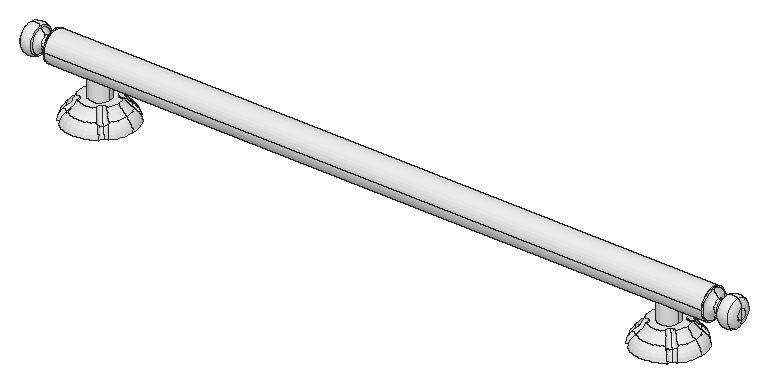
Revit family "Grab-Bar_Traditional_Guinevere_YG97024_TOTO", category Furniture, host Face, Revit 2013
Parameters (values of type "YG97024")
  ecoScorecard_data = " "
  ecoScorecard Product Page = "  "
  Width = 2' - 6 1/8"  # constant formula
  Warranty URL = "http://www.totousa.com/warranty-registration"
  Warranty = "Lifetime Limited Warranty (Residential Use), One Year Limited (Commercial Use)"  # constant formula
  URL = "http://www.totousa.com"
  Toto Version = "V.02"  # constant formula
  Toto BIM Number = "BM-00220"  # constant formula
  Subcategory = "Accessories"  # constant formula
  Style = "Traditional"  # constant formula
  Spec Sheet URL = "http://assets.totousa.com/product-files/SS-00004_YG96024_YG96042_YG97024_YG97042.pdf"
  Shipping Weight = 4.70 lbf
  Series = "Guinevere"  # constant formula
  Product Page URL = " "
  Owners Manual URL = "  "
  Model = "YG97024"  # constant formula
  Manufacturer Toll Free Phone = "1-888-295-8134"  # constant formula
  Manufacturer Phone = "(770) 282-8686"  # constant formula
  Manufacturer Fax = "(770) 282-0002"  # constant formula
  Manufacturer Email = "mailto:custservice@totousa.com "
  Manufacturer Address = "1155 Southern Road, Morrow, Georgia 30260"  # constant formula
  Manufacturer = "TOTO USA, Inc."  # constant formula
  Height = 0' - 2 13/16"  # constant formula
  Finish = Metal - TOTO - Chrome - Polished
  Description = "Grab Bar"
  Depth = 0' - 2 3/4"  # constant formula
  Default Elevation = 3' - 0"
  Cost Info = "mailto:custservice@totousa.com "
  Color Availability = "#CP  Polished Chrome, #RB Oil Rubbed Bronze"  # constant formula
  CAD Drawing URL = "http://assets.totousa.com/product-files/AD-00098_YG97024.dxf"
  Assembly Code = "C1030200"
  ADA Compliant = yes
  95 CSI = "10800"  # constant formula
  04 CSI = "10 28 00"  # constant formula
Reference planes (in)
  plane 1 "Center (Front/Back)": y = 0
  plane 2: z = 0
  plane 3 "Center (Left/Right)": x = 0
  plane 4: x = -15.0625
  plane 5: x = 15.0625
  plane 6: x = -13.87657
  plane 7: x = 13.87657
  plane 8: x = -11.99961
  plane 9: x = 11.99961
  plane 10: x = -13.40453
  plane 11: x = -10.59469
  plane 12: z = 2.75
  plane 13: z = 2.12638
  plane 14: z = 0.88622
  plane 15: x = 10.59469
  plane 16: x = 13.40453
  plane 17: y = 1.40625
  plane 18: y = -1.40625
Forms (in)
  Extrusion 1, solid, material "Metal - TOTO - Chrome - Polished" <- "Finish"
    sketch origin (0, 0, 0) x (1, 0, 0) y (0, 1, 0)
      loop
        circle (-11.99961, 0) r 0.43622
    from 0.88622 to 2.12638
  Extrusion 2, solid, material "Metal - TOTO - Chrome - Polished" <- "Finish"
    sketch origin (-11.32812, -0.32755, 0) x (0, 1, 0) y (0, 0, 1)
      loop
        circle (0.32755, 2.12638) r 0.62362
    from -2.54845 to 25.2047
  Extrusion 3, solid, material "Metal - TOTO - Chrome - Polished" <- "Finish"
    sketch origin (0, 0, 0) x (-1, 0, 0) y (0, -1, 0)
      loop
        circle (-11.99961, 0) r 0.43622
    from 0.88622 to 2.12638
  Revolve 4, solid, material "Metal - TOTO - Chrome - Polished" <- "Finish"
    sketch origin (0, 0, 92.27586) x (0, 0, 1) y (1, 0, 0)
      loop
        arc (-90.7731, -13.87657) -> (-90.76365, -13.8994) -> (-90.74082, -13.90886) r 0.03228
        arc (-90.74082, -13.90886) -> (-90.54561, -13.9688) -> (-90.41779, -14.12805) r 0.34747
        line (-90.41779, -14.12805) -> (-90.41779, -14.25112)
        arc (-90.41779, -14.25112) -> (-90.49284, -14.39804) -> (-90.63605, -14.47992) r 0.2889
        line (-90.63605, -14.47992) -> (-90.6984, -14.47992)
        arc (-90.6984, -14.47992) -> (-90.74663, -14.69862) -> (-90.6984, -14.91732) r 0.51997
        arc (-90.6984, -14.91732) -> (-90.54418, -15.02467) -> (-90.36012, -15.0625) r 0.46672
        line (-90.36012, -15.0625) -> (-90.14948, -15.0625) -> (-90.14948, -13.87657) -> (-90.7731, -13.87657)
      axis (-90.14948, -15.0625) -> (-90.14948, -13.87657)
    angle from 0 to 360
  Revolve 5, solid, material "Metal - TOTO - Chrome - Polished" <- "Finish"
    sketch origin (0, 0, 92.27586) x (0, 0, 1) y (1, 0, 0)
      loop
        line (-90.7731, 13.87657) -> (-90.14948, 13.87657) -> (-90.14948, 15.0625) -> (-90.36012, 15.0625)
        arc (-90.36012, 15.0625) -> (-90.54418, 15.02467) -> (-90.6984, 14.91732) r 0.46672
        arc (-90.6984, 14.91732) -> (-90.74663, 14.69862) -> (-90.6984, 14.47992) r 0.51997
        line (-90.6984, 14.47992) -> (-90.63605, 14.47992)
        arc (-90.63605, 14.47992) -> (-90.49284, 14.39804) -> (-90.41779, 14.25112) r 0.2889
        line (-90.41779, 14.25112) -> (-90.41779, 14.12805)
        arc (-90.41779, 14.12805) -> (-90.54561, 13.96881) -> (-90.74081, 13.90886) r 0.34747
        arc (-90.74081, 13.90886) -> (-90.76364, 13.89941) -> (-90.7731, 13.87657) r 0.03228
      axis (-90.14948, 15.0625) -> (-90.14948, 13.87657)
    angle from 0 to 360
  Extrusion 6, solid, material "Metal - TOTO - Chrome - Polished" <- "Finish"
    sketch origin (-14.58692, 0, 0) x (1, 0, 0) y (0, 1, 0)
      loop
        circle (2.58732, 0) r 1.40492
    from 0 to 0.88622
  Revolve 7, void
    sketch origin (-11.99961, 0, 0) x (1, 0, 0) y (0, 0, 1)
      loop
        arc (-1.40492, 0) -> (-1.31347, 0.26895) -> (-1.12628, 0.48263) r 0.73001
        arc (-1.12628, 0.48263) -> (-0.93798, 0.66538) -> (-0.79626, 0.88622) r 1.14441
        line (-0.79626, 0.88622) -> (-1.60177, 0.88622) -> (-1.60177, 0) -> (-1.40492, 0)
      axis (0, 0.88622) -> (0, 0)
    angle from 0 to 360
  Sweep 8, void
    path origin (7.9791, -20.0132, 0) x (0.707107, -0.707107, 0) y (0, 0, 1)
      loop
        arc (-29.71811, 0) -> (-29.61732, 0.26634) -> (-29.43207, 0.48262) r 0.82586
        arc (-29.43207, 0.48262) -> (-29.20154, 0.73) -> (-29.04321, 1.02878) r 1.29011
    profile origin (-12.96351, 0.92942, 0.26634) x (-0.608291, 0.608291, 0.509866) y (-0.707107, -0.707107, 0)
      loop
        circle (0, 0) r 0.19685
  Sweep 9, void
    path origin (-31.97831, -20.0132, 0) x (-0.707107, -0.707107, 0) y (0, 0, -1)
      loop
        arc (-29.71811, 0) -> (-29.61732, -0.26634) -> (-29.43207, -0.48262) r 0.82586
        arc (-29.43207, -0.48262) -> (-29.20154, -0.73) -> (-29.04321, -1.02878) r 1.29011
    profile origin (-11.0357, 0.92942, 0.26634) x (-0.608291, -0.608291, -0.509866) y (0.707107, -0.707107, 0)
      loop
        circle (0, 0) r 0.19685
  Sweep 10, void
    path origin (7.9791, 19.94422, 0) x (0.707107, 0.707107, 0) y (0, 0, -1)
      loop
        arc (-29.71811, 0) -> (-29.61732, -0.26634) -> (-29.43207, -0.48262) r 0.82586
        arc (-29.43207, -0.48262) -> (-29.20154, -0.73) -> (-29.04321, -1.02878) r 1.29011
    profile origin (-12.96351, -0.99839, 0.26634) x (0.608291, 0.608291, -0.509866) y (-0.707107, 0.707107, 0)
      loop
        circle (0, 0) r 0.19685
  Sweep 11, void
    path origin (-31.97831, 19.94422, 0) x (-0.707107, 0.707107, 0) y (0, 0, 1)
      loop
        arc (-29.71811, 0) -> (-29.61732, 0.26634) -> (-29.43207, 0.48262) r 0.82586
        arc (-29.43207, 0.48262) -> (-29.20154, 0.73) -> (-29.04321, 1.02878) r 1.29011
    profile origin (-11.0357, -0.99839, 0.26634) x (0.608291, -0.608291, 0.509866) y (0.707107, 0.707107, 0)
      loop
        circle (0, 0) r 0.19685
  Extrusion 12, solid, material "Metal - TOTO - Chrome - Polished" <- "Finish"
    sketch origin (9.41229, 0, 0) x (1, 0, 0) y (0, 1, 0)
      loop
        circle (2.58732, 0) r 1.40492
    from 0 to 0.88622
  Revolve 13, void
    sketch origin (11.99961, 0, 0) x (1, 0, 0) y (0, 0, 1)
      loop
        arc (-1.40492, 0) -> (-1.31347, 0.26895) -> (-1.12628, 0.48263) r 0.73001
        arc (-1.12628, 0.48263) -> (-0.93798, 0.66538) -> (-0.79626, 0.88622) r 1.14441
        line (-0.79626, 0.88622) -> (-1.60177, 0.88622) -> (-1.60177, 0) -> (-1.40492, 0)
      axis (0, 0.88622) -> (0, 0)
    angle from 0 to 360
  Sweep 14, void
    path origin (31.97831, -20.0132, 0) x (0.707107, -0.707107, 0) y (0, 0, 1)
      loop
        arc (-29.71811, 0) -> (-29.61732, 0.26634) -> (-29.43207, 0.48262) r 0.82586
        arc (-29.43207, 0.48262) -> (-29.20154, 0.73) -> (-29.04321, 1.02878) r 1.29011
    profile origin (11.0357, 0.92942, 0.26634) x (-0.608291, 0.608291, 0.509866) y (-0.707107, -0.707107, 0)
      loop
        circle (0, 0) r 0.19685
  Sweep 15, void
    path origin (-7.9791, -20.0132, 0) x (-0.707107, -0.707107, 0) y (0, 0, -1)
      loop
        arc (-29.71811, 0) -> (-29.61732, -0.26634) -> (-29.43207, -0.48262) r 0.82586
        arc (-29.43207, -0.48262) -> (-29.20154, -0.73) -> (-29.04321, -1.02878) r 1.29011
    profile origin (12.96351, 0.92942, 0.26634) x (-0.608291, -0.608291, -0.509866) y (0.707107, -0.707107, 0)
      loop
        circle (0, 0) r 0.19685
  Sweep 16, void
    path origin (31.97831, 19.94422, 0) x (0.707107, 0.707107, 0) y (0, 0, -1)
      loop
        arc (-29.71811, 0) -> (-29.61732, -0.26634) -> (-29.43207, -0.48262) r 0.82586
        arc (-29.43207, -0.48262) -> (-29.20154, -0.73) -> (-29.04321, -1.02878) r 1.29011
    profile origin (11.0357, -0.99839, 0.26634) x (0.608291, 0.608291, -0.509866) y (-0.707107, 0.707107, 0)
      loop
        circle (0, 0) r 0.19685
  Sweep 17, void
    path origin (-7.9791, 19.94422, 0) x (-0.707107, 0.707107, 0) y (0, 0, 1)
      loop
        arc (-29.71811, 0) -> (-29.61732, 0.26634) -> (-29.43207, 0.48262) r 0.82586
        arc (-29.43207, 0.48262) -> (-29.20154, 0.73) -> (-29.04321, 1.02878) r 1.29011
    profile origin (12.96351, -0.99839, 0.26634) x (0.608291, -0.608291, 0.509866) y (0.707107, 0.707107, 0)
      loop
        circle (0, 0) r 0.19685
Cuts and joins
  Revolve 13, Sweep 14, Sweep 15, Sweep 16, Sweep 17 cuts Extrusion 1
  Revolve 13, Sweep 14, Sweep 15, Sweep 16, Sweep 17 cuts Extrusion 2
  Revolve 13, Sweep 14, Sweep 15, Sweep 16, Sweep 17 cuts Extrusion 3
  joined: Extrusion 1, Extrusion 2, Extrusion 3
  Revolve 7, Sweep 8, Sweep 9, Sweep 10, Sweep 11, Revolve 13, Sweep 14, Sweep 15, Sweep 16, Sweep 17 cuts Extrusion 6
  Revolve 13, Sweep 14, Sweep 15, Sweep 16, Sweep 17 cuts Extrusion 12
Lines and regions (in)
  Masking region 1
    outline origin (0, -0.32813, 92.27586) x (0, 0, 1) y (1, 0, 0)
      loop
        line (-91.38964, -12.79631) -> (-91.38964, -12.43583) -> (-90.7731, -12.43583) -> (-90.7731, -13.87657)
        arc (-90.7731, -13.87657) -> (-90.76035, -13.90272) -> (-90.73189, -13.90877) r 0.03318
        arc (-90.73189, -13.90877) -> (-90.54171, -13.97115) -> (-90.41779, -14.12832) r 0.34639
        line (-90.41779, -14.12832) -> (-90.41779, -14.25122)
        arc (-90.41779, -14.25122) -> (-90.4951, -14.39594) -> (-90.63605, -14.47992) r 0.30598
        line (-90.63605, -14.47992) -> (-90.6984, -14.47992)
        arc (-90.6984, -14.47992) -> (-90.7461, -14.69862) -> (-90.6984, -14.91732) r 0.52528
        arc (-90.6984, -14.91732) -> (-90.56267, -15.01571) -> (-90.4017, -15.0625) r 0.48929
        line (-90.4017, -15.0625) -> (-89.89726, -15.0625)
        arc (-89.89726, -15.0625) -> (-89.73629, -15.01571) -> (-89.60056, -14.91732) r 0.48929
        arc (-89.60056, -14.91732) -> (-89.55286, -14.69862) -> (-89.60056, -14.47992) r 0.52528
        line (-89.60056, -14.47992) -> (-89.66291, -14.47992)
        arc (-89.66291, -14.47992) -> (-89.80386, -14.39594) -> (-89.88117, -14.25122) r 0.30598
        line (-89.88117, -14.25122) -> (-89.88117, -14.12832)
        arc (-89.88117, -14.12832) -> (-89.75725, -13.97115) -> (-89.56707, -13.90877) r 0.34639
        arc (-89.56707, -13.90877) -> (-89.53861, -13.90272) -> (-89.52586, -13.87657) r 0.03318
        line (-89.52586, -13.87657) -> (-89.52586, 13.87657)
        arc (-89.52586, 13.87657) -> (-89.53861, 13.90272) -> (-89.56707, 13.90877) r 0.03318
        arc (-89.56707, 13.90877) -> (-89.7572, 13.9711) -> (-89.88117, 14.12815) r 0.34649
        line (-89.88117, 14.12815) -> (-89.88117, 14.25122)
        arc (-89.88117, 14.25122) -> (-89.80386, 14.39594) -> (-89.66291, 14.47992) r 0.30598
        line (-89.66291, 14.47992) -> (-89.60056, 14.47992)
        arc (-89.60056, 14.47992) -> (-89.55286, 14.69862) -> (-89.60056, 14.91732) r 0.52528
        arc (-89.60056, 14.91732) -> (-89.73629, 15.01571) -> (-89.89726, 15.0625) r 0.48929
        line (-89.89726, 15.0625) -> (-90.4017, 15.0625)
        arc (-90.4017, 15.0625) -> (-90.56267, 15.01571) -> (-90.6984, 14.91732) r 0.48929
        arc (-90.6984, 14.91732) -> (-90.7461, 14.69862) -> (-90.6984, 14.47992) r 0.52528
        line (-90.6984, 14.47992) -> (-90.63605, 14.47992)
        arc (-90.63605, 14.47992) -> (-90.4951, 14.39594) -> (-90.41779, 14.25122) r 0.30598
        line (-90.41779, 14.25122) -> (-90.41779, 14.12815)
        arc (-90.41779, 14.12815) -> (-90.54176, 13.9711) -> (-90.73189, 13.90877) r 0.34649
        arc (-90.73189, 13.90877) -> (-90.76035, 13.90272) -> (-90.7731, 13.87657) r 0.03318
        line (-90.7731, 13.87657) -> (-90.7731, 12.43583) -> (-91.38964, 12.43583) -> (-91.38964, 12.79631)
        arc (-91.38964, 12.79631) -> (-91.58091, 12.89424) -> (-91.72873, 13.0502) r 0.63695
        arc (-91.72873, 13.0502) -> (-91.96575, 13.28413) -> (-92.27586, 13.40551) r 0.82645
        line (-92.27586, 13.40551) -> (-92.27586, 10.5937)
        arc (-92.27586, 10.5937) -> (-91.96575, 10.71509) -> (-91.72873, 10.94901) r 0.82645
        arc (-91.72873, 10.94901) -> (-91.58091, 11.10497) -> (-91.38964, 11.2029) r 0.63695
        line (-91.38964, 11.2029) -> (-91.38964, 11.56339) -> (-90.7731, 11.56339) -> (-90.7731, -11.56339) -> (-91.38964, -11.56339) -> (-91.38964, -11.2029)
        arc (-91.38964, -11.2029) -> (-91.58091, -11.10497) -> (-91.72873, -10.94901) r 0.63695
        arc (-91.72873, -10.94901) -> (-91.96575, -10.71509) -> (-92.27586, -10.5937) r 0.82645
        line (-92.27586, -10.5937) -> (-92.27586, -13.40551)
        arc (-92.27586, -13.40551) -> (-91.96575, -13.28413) -> (-91.72873, -13.0502) r 0.82645
        arc (-91.72873, -13.0502) -> (-91.58091, -12.89424) -> (-91.38964, -12.79631) r 0.63695
  symbolic lines, detail levels fine
    curve 1: line (-14.25112, -0.32813, 2.39469) -> (-14.25112, -0.32813, 1.85807)
    curve 2: line (-14.12805, -0.32813, 2.39469) -> (-14.12805, -0.32813, 1.85807)
    curve 5: line (14.25122, -0.32813, 2.39469) -> (14.25122, -0.32813, 1.85807)
    curve 6: line (14.12815, -0.32813, 2.39469) -> (14.12815, -0.32813, 1.85807)
    curve 11: line (-14.91732, -0.32813, 2.6753) -> (-14.91732, -0.32813, 1.57745)
    curve 12: line (-14.47992, -0.32813, 1.57745) -> (-14.47992, -0.32813, 2.6753)
    curve 13: line (14.91732, -0.32813, 2.6753) -> (14.91732, -0.32813, 1.57745)
    curve 14: line (14.47992, -0.32813, 1.57745) -> (14.47992, -0.32813, 2.6753)
    curve 15: spline (-13.09395, -0.32813, 0) -> (-13.08949, -0.32813, 0.04567) -> (-13.08298, -0.32813, 0.09075) -> (-13.07442, -0.32813, 0.13507) -> (-13.06387, -0.32813, 0.17845) -> (-13.05136, -0.32813, 0.2207) -> (-13.03693, -0.32813, 0.26167) -> (-13.02066, -0.32813, 0.30118) -> (-13.0026, -0.32813, 0.33909) -> (-12.98282, -0.32813, 0.37523) -> (-12.96141, -0.32813, 0.40945) -> (-12.93846, -0.32813, 0.44163) -> (-12.91405, -0.32813, 0.47164)
    curve 16: spline (-12.91405, -0.32813, 0.47164) -> (-12.88773, -0.32813, 0.49941) -> (-12.86224, -0.32813, 0.52858) -> (-12.8376, -0.32813, 0.55911) -> (-12.81387, -0.32813, 0.59094) -> (-12.79107, -0.32813, 0.62402) -> (-12.76923, -0.32813, 0.65831) -> (-12.74841, -0.32813, 0.69375) -> (-12.72861, -0.32813, 0.73028) -> (-12.70989, -0.32813, 0.76785) -> (-12.69226, -0.32813, 0.80641) -> (-12.67575, -0.32813, 0.84588) -> (-12.66039, -0.32813, 0.88622)
    curve 17: spline (-12.86749, -0.32813, 0) -> (-12.86344, -0.32813, 0.03418) -> (-12.85825, -0.32813, 0.06806) -> (-12.85194, -0.32813, 0.10157) -> (-12.8445, -0.32813, 0.13463) -> (-12.83597, -0.32813, 0.16716) -> (-12.82636, -0.32813, 0.1991) -> (-12.81569, -0.32813, 0.23036) -> (-12.80399, -0.32813, 0.26089) -> (-12.79129, -0.32813, 0.2906) -> (-12.7776, -0.32813, 0.31944) -> (-12.76297, -0.32813, 0.34733) -> (-12.74743, -0.32813, 0.37423)
    curve 18: spline (-12.40562, -0.32813, 0.88622) -> (-12.4255, -0.32813, 0.83243) -> (-12.44718, -0.32813, 0.78022) -> (-12.4706, -0.32813, 0.72974) -> (-12.49569, -0.32813, 0.68112) -> (-12.52238, -0.32813, 0.63451) -> (-12.5506, -0.32813, 0.59002) -> (-12.58028, -0.32813, 0.54779) -> (-12.61132, -0.32813, 0.50792) -> (-12.64365, -0.32813, 0.47054) -> (-12.67717, -0.32813, 0.43573) -> (-12.71179, -0.32813, 0.40359) -> (-12.74743, -0.32813, 0.37423)
    curve 19: spline (-11.43504, -0.32813, 0.569) -> (-11.451, -0.32813, 0.59219) -> (-11.46649, -0.32813, 0.61604) -> (-11.48152, -0.32813, 0.64053) -> (-11.49605, -0.32813, 0.66563) -> (-11.51009, -0.32813, 0.69134) -> (-11.52363, -0.32813, 0.71762) -> (-11.53664, -0.32813, 0.74446) -> (-11.54913, -0.32813, 0.77183) -> (-11.56108, -0.32813, 0.79971) -> (-11.57248, -0.32813, 0.82809) -> (-11.58332, -0.32813, 0.85693) -> (-11.5936, -0.32813, 0.88622)
    curve 20: spline (-11.43504, -0.32813, 0.569) -> (-11.39646, -0.32813, 0.54159) -> (-11.35954, -0.32813, 0.50957) -> (-11.32453, -0.32813, 0.47315) -> (-11.29169, -0.32813, 0.4326) -> (-11.26127, -0.32813, 0.38822) -> (-11.23348, -0.32813, 0.34032) -> (-11.20852, -0.32813, 0.28926) -> (-11.18657, -0.32813, 0.23539) -> (-11.16779, -0.32813, 0.17912) -> (-11.15232, -0.32813, 0.12085) -> (-11.14027, -0.32813, 0.061) -> (-11.13172, -0.32813, 0)
    curve 21: spline (-11.33882, -0.32813, 0.88622) -> (-11.3239, -0.32813, 0.84645) -> (-11.30783, -0.32813, 0.80752) -> (-11.29063, -0.32813, 0.76948) -> (-11.27232, -0.32813, 0.73239) -> (-11.25293, -0.32813, 0.69631) -> (-11.23249, -0.32813, 0.66128) -> (-11.21103, -0.32813, 0.62737) -> (-11.18858, -0.32813, 0.59463) -> (-11.16518, -0.32813, 0.5631) -> (-11.14087, -0.32813, 0.53283) -> (-11.11567, -0.32813, 0.50386) -> (-11.08963, -0.32813, 0.47625)
    curve 22: spline (-11.08963, -0.32813, 0.47625) -> (-11.06432, -0.32813, 0.44617) -> (-11.04054, -0.32813, 0.41385) -> (-11.0184, -0.32813, 0.3794) -> (-10.99798, -0.32813, 0.34298) -> (-10.97938, -0.32813, 0.30474) -> (-10.96266, -0.32813, 0.26483) -> (-10.9479, -0.32813, 0.22342) -> (-10.93515, -0.32813, 0.18068) -> (-10.92448, -0.32813, 0.13678) -> (-10.91591, -0.32813, 0.09191) -> (-10.9095, -0.32813, 0.04626) -> (-10.90527, -0.32813, 0)
    curve 23: spline (10.90527, -0.32813, 0) -> (10.90972, -0.32813, 0.04567) -> (10.91624, -0.32813, 0.09075) -> (10.92479, -0.32813, 0.13507) -> (10.93534, -0.32813, 0.17845) -> (10.94786, -0.32813, 0.2207) -> (10.96228, -0.32813, 0.26167) -> (10.97856, -0.32813, 0.30118) -> (10.99662, -0.32813, 0.33909) -> (11.01639, -0.32813, 0.37523) -> (11.0378, -0.32813, 0.40945) -> (11.06076, -0.32813, 0.44163) -> (11.08517, -0.32813, 0.47164)
    curve 24: spline (11.08517, -0.32813, 0.47164) -> (11.11148, -0.32813, 0.49941) -> (11.13698, -0.32813, 0.52858) -> (11.16161, -0.32813, 0.55911) -> (11.18535, -0.32813, 0.59094) -> (11.20815, -0.32813, 0.62402) -> (11.22998, -0.32813, 0.65831) -> (11.25081, -0.32813, 0.69375) -> (11.2706, -0.32813, 0.73028) -> (11.28932, -0.32813, 0.76785) -> (11.30695, -0.32813, 0.80641) -> (11.32346, -0.32813, 0.84588) -> (11.33882, -0.32813, 0.88622)
    curve 25: spline (11.13172, -0.32813, 0) -> (11.13577, -0.32813, 0.03418) -> (11.14096, -0.32813, 0.06806) -> (11.14728, -0.32813, 0.10157) -> (11.15471, -0.32813, 0.13463) -> (11.16324, -0.32813, 0.16716) -> (11.17285, -0.32813, 0.1991) -> (11.18352, -0.32813, 0.23036) -> (11.19522, -0.32813, 0.26089) -> (11.20792, -0.32813, 0.2906) -> (11.22161, -0.32813, 0.31944) -> (11.23624, -0.32813, 0.34733) -> (11.25179, -0.32813, 0.37423)
    curve 26: spline (11.5936, -0.32813, 0.88622) -> (11.57371, -0.32813, 0.83243) -> (11.55203, -0.32813, 0.78022) -> (11.52861, -0.32813, 0.72974) -> (11.50352, -0.32813, 0.68112) -> (11.47683, -0.32813, 0.63451) -> (11.44861, -0.32813, 0.59002) -> (11.41894, -0.32813, 0.54779) -> (11.38789, -0.32813, 0.50792) -> (11.35557, -0.32813, 0.47054) -> (11.32204, -0.32813, 0.43573) -> (11.28742, -0.32813, 0.40359) -> (11.25179, -0.32813, 0.37423)
    curve 27: spline (12.56417, -0.32813, 0.569) -> (12.54821, -0.32813, 0.59219) -> (12.53272, -0.32813, 0.61604) -> (12.5177, -0.32813, 0.64053) -> (12.50316, -0.32813, 0.66563) -> (12.48912, -0.32813, 0.69134) -> (12.47558, -0.32813, 0.71762) -> (12.46257, -0.32813, 0.74446) -> (12.45008, -0.32813, 0.77183) -> (12.43813, -0.32813, 0.79971) -> (12.42673, -0.32813, 0.82809) -> (12.41589, -0.32813, 0.85693) -> (12.40562, -0.32813, 0.88622)
    curve 28: spline (12.56417, -0.32813, 0.569) -> (12.60275, -0.32813, 0.54159) -> (12.63968, -0.32813, 0.50957) -> (12.67468, -0.32813, 0.47315) -> (12.70752, -0.32813, 0.4326) -> (12.73794, -0.32813, 0.38822) -> (12.76574, -0.32813, 0.34032) -> (12.7907, -0.32813, 0.28926) -> (12.81265, -0.32813, 0.23539) -> (12.83142, -0.32813, 0.17912) -> (12.84689, -0.32813, 0.12085) -> (12.85895, -0.32813, 0.061) -> (12.86749, -0.32813, 0)
    curve 29: spline (12.66039, -0.32813, 0.88622) -> (12.67531, -0.32813, 0.84645) -> (12.69138, -0.32813, 0.80752) -> (12.70859, -0.32813, 0.76948) -> (12.7269, -0.32813, 0.73239) -> (12.74629, -0.32813, 0.69631) -> (12.76673, -0.32813, 0.66128) -> (12.78819, -0.32813, 0.62737) -> (12.81063, -0.32813, 0.59463) -> (12.83403, -0.32813, 0.5631) -> (12.85835, -0.32813, 0.53283) -> (12.88354, -0.32813, 0.50386) -> (12.90958, -0.32813, 0.47625)
    curve 30: spline (12.90958, -0.32813, 0.47625) -> (12.9349, -0.32813, 0.44617) -> (12.95867, -0.32813, 0.41385) -> (12.98082, -0.32813, 0.3794) -> (13.00123, -0.32813, 0.34298) -> (13.01984, -0.32813, 0.30474) -> (13.03656, -0.32813, 0.26483) -> (13.05132, -0.32813, 0.22342) -> (13.06406, -0.32813, 0.18068) -> (13.07474, -0.32813, 0.13678) -> (13.0833, -0.32813, 0.09191) -> (13.08971, -0.32813, 0.04626) -> (13.09395, -0.32813, 0)
  symbolic lines
    curve 3: line (-13.87657, -0.32813, 2.75) -> (-13.87657, -0.32813, 1.50276)
    curve 4: arc (-12.43583, -0.32813, 1.50276) -> (-11.99961, -0.32813, 1.67507) -> (-11.56339, -0.32813, 1.50276) r 0.63832
    curve 7: line (13.87657, -0.32813, 2.75) -> (13.87657, -0.32813, 1.50276)
    curve 8: arc (12.43583, -0.32813, 1.50276) -> (11.99961, -0.32813, 1.67507) -> (11.56339, -0.32813, 1.50276) r 0.63832
  symbolic lines, detail levels medium+fine
    curve 9: line (-12.40562, -0.32813, 0.88622) -> (-11.5936, -0.32813, 0.88622)
    curve 10: line (11.53316, -0.32813, 0.88622) -> (12.46696, -0.32813, 0.88622)
Dimensions and locks (in)
  "Width": plane 5 to plane 4
  equal spacing: plane 5, plane 3 "Center (Left/Right)", plane 4
  locked: plane 7 to plane 6 at 27.75315
  locked: plane 9 to plane 8 at 23.99921
  equal spacing: plane 9, plane 3 "Center (Left/Right)", plane 8  (x2)
  "Depth": plane 12 to plane 2
  locked: plane 13 to plane 2 at 2.12638
  equal spacing: plane 7, plane 3 "Center (Left/Right)", plane 6
  locked: plane 11 to plane 10 at 2.80984
  equal spacing: plane 11, plane 8, plane 10
  locked: plane 16 to plane 15 at 2.80984
  equal spacing: plane 16, plane 9, plane 15
  locked: plane 1 "Center (Front/Back)" to Extrusion 1 sketch curve at 0
  locked: Extrusion 1 sketch curve to plane 8 at 0
  locked: Extrusion 2 sketch curve to plane 1 "Center (Front/Back)" at 0
  locked: Extrusion 2 sketch curve to plane 13 at 0
  locked: plane 1 "Center (Front/Back)" to Extrusion 3 sketch curve at 0
  locked: Extrusion 3 sketch curve to plane 9 at 0
  locked: Revolve 4 sketch curve to plane 6 at 0
  locked: Revolve 4 sketch curve to plane 4 at 0
  locked: Revolve 4 sketch curve to plane 13 at 0  (x2)
  locked: Revolve 4 sketch curve to plane 13 at 0.07718
  locked: Revolve 4 sketch curve to Revolve 4 sketch curve at 0.21064
  locked: Revolve 4 sketch curve to plane 13 at 0.26831
  locked: Revolve 4 sketch curve to Revolve 4 sketch curve at 0.27593
  locked: Revolve 4 sketch curve to Revolve 4 sketch curve at 0.06235
  locked: plane 4 to Revolve 4 sketch curve at 0.14518
  locked: Revolve 4 sketch curve to Revolve 4 sketch curve at 0.33829
  locked: Revolve 4 sketch curve to Revolve 4 sketch curve at 0.00347
  locked: Revolve 4 sketch curve to Revolve 4 sketch curve at 0.03884
  locked: Revolve 4 sketch curve to Revolve 4 sketch curve at 0.03895
  locked: Revolve 4 sketch curve to Revolve 4 sketch curve at 0.03228
  locked: Revolve 4 sketch curve to plane 4 at 0.3937
  locked: Revolve 4 sketch curve to Revolve 4 sketch curve at 0.10284
  locked: Revolve 4 sketch curve to Revolve 4 sketch curve at 0.22359
  locked: Revolve 4 sketch curve to Revolve 4 sketch curve at 0.12307
  locked: Revolve 4 sketch curve to plane 10 at 0.19833
  locked: plane 7 to Revolve 5 sketch curve at 0
  locked: plane 5 to Revolve 5 sketch curve at 0
  locked: Revolve 5 sketch curve to plane 13 at 0  (x2)
  locked: Revolve 5 sketch curve to plane 13 at 0.07718
  locked: Revolve 5 sketch curve to Revolve 5 sketch curve at 0.21064
  locked: Revolve 5 sketch curve to plane 13 at 0.26831
  locked: Revolve 5 sketch curve to Revolve 5 sketch curve at 0.27593
  locked: Revolve 5 sketch curve to Revolve 5 sketch curve at 0.06235
  locked: plane 5 to Revolve 5 sketch curve at 0.14518
  locked: Revolve 5 sketch curve to Revolve 5 sketch curve at 0.33829
  locked: Revolve 5 sketch curve to Revolve 5 sketch curve at 0.00347
  locked: Revolve 5 sketch curve to Revolve 5 sketch curve at 0.03884
  locked: Revolve 5 sketch curve to plane 7 at 0.03228
  locked: Revolve 5 sketch curve to Revolve 5 sketch curve at 0.03894
  locked: Revolve 5 sketch curve to Revolve 5 sketch curve at 0.00001
  locked: Revolve 5 sketch curve to plane 16 at 0.19833
  locked: Revolve 5 sketch curve to plane 7 at 0.25148
  locked: Revolve 5 sketch curve to Revolve 5 sketch curve at 0.05771
  locked: Revolve 5 sketch curve to Revolve 5 sketch curve at 0.12307
  locked: Revolve 5 sketch curve to plane 5 at 0.3937
  locked: plane 1 "Center (Front/Back)" to Extrusion 6 sketch curve at 0
  locked: Extrusion 6 sketch curve to plane 8 at 0
  locked: Revolve 7 sketch curve to level at 0
  locked: Revolve 7 sketch curve to plane 14 at 0
  locked: Revolve 7 sketch curve to plane 10 at 0
  locked: Revolve 7 sketch curve to plane 8 at 0
  locked: Revolve 7 sketch curve to plane 10 at 0.19685
  locked: plane 6 to Revolve 7 sketch curve at 0.05305
  locked: plane 10 to Revolve 7 sketch curve at 0.27865
  locked: Revolve 7 sketch curve to Revolve 7 sketch curve
  locked: Revolve 7 sketch curve to Revolve 7 sketch curve at 0.33002
  locked: Revolve 7 sketch curve to level at 0.09606
  locked: Revolve 7 sketch curve to level at 0.30471
  locked: Revolve 7 sketch curve to Revolve 7 sketch curve at 0.5045
  locked: plane 1 "Center (Front/Back)" to Extrusion 12 sketch curve at 0
  locked: Extrusion 12 sketch curve to plane 9 at 0
  locked: Revolve 13 sketch curve to level at 0
  locked: Revolve 13 sketch curve to plane 14 at 0
  locked: Revolve 13 sketch curve to plane 15 at 0
  locked: plane 9 to Revolve 13 sketch curve at 0
  locked: Revolve 13 sketch curve to plane 15 at 0.19685
  locked: Revolve 13 sketch curve to plane 15 at 0.419
  locked: plane 15 to Revolve 13 sketch curve at 0.27865
  locked: Revolve 13 sketch curve to Revolve 13 sketch curve at 0
  locked: Revolve 13 sketch curve to Revolve 13 sketch curve at 0.33002
  locked: Revolve 13 sketch curve to level at 0.09606
  locked: Revolve 13 sketch curve to level at 0.30471
  locked: Revolve 13 sketch curve to Revolve 13 sketch curve at 0.5045
  locked: Sweep 11 sketch curve to plane 11 at 0.44102
  locked: Sweep 9 sketch curve to plane 11 at 0.84698
  locked: Sweep 9 sketch curve to plane 11 at 0.36975
  locked: Sweep 9 sketch curve to plane 11 at 0.44102
  locked: Sweep 8 sketch curve to plane 10 at 0.84698
  locked: Sweep 8 sketch curve to plane 10 at 0.36975
  locked: plane 10 to Sweep 8 sketch curve at 0.44102
  locked: Sweep 10 sketch curve to plane 10 at 0.84698
  locked: Sweep 10 sketch curve to plane 6 at 0.8418
  locked: plane 10 to Sweep 10 sketch curve at 0.44102
  locked: Sweep 17 sketch curve to plane 16 at 0.84698
  locked: Sweep 17 sketch curve to plane 16 at 0.36975
  locked: Sweep 17 sketch curve to plane 16 at 0.44102
  locked: Sweep 15 sketch curve to plane 16 at 0.84698
  locked: Sweep 15 sketch curve to plane 16 at 0.36975
  locked: Sweep 15 sketch curve to plane 16 at 0.44102
  locked: Sweep 14 sketch curve to plane 9 at 0.55794
  locked: Sweep 14 sketch curve to plane 9 at 1.03517
  locked: plane 15 to Sweep 14 sketch curve at 0.44102
  locked: Sweep 16 sketch curve to plane 15 at 0.84698
  locked: Sweep 16 sketch curve to plane 15 at 0.36975
  locked: plane 15 to Sweep 16 sketch curve at 0.44102
  "Height": plane 18 to plane 17
  equal spacing: plane 18, plane 1 "Center (Front/Back)", plane 17
  locked: curve 23 to level at 0
  locked: curve 22 to level at 0
  locked: curve 28 to level at 0
  locked: curve 20 to level at 0
  locked: curve 15 to level at 0
  locked: curve 25 to level at 0
  locked: curve 17 to level at 0
  locked: curve 30 to level at 0
  locked: curve 24 to plane 14 at 0
  locked: curve 16 to plane 14 at 0
  locked: curve 29 to plane 14 at 0
  locked: curve 21 to plane 14 at 0
  locked: curve 4 to plane 8 at 0
  locked: plane 9 to curve 8 at 0
  locked: plane 7 to curve 7 at 0
  locked: curve 3 to plane 6 at 0
  locked: curve 7 to plane 12 at 0
  locked: curve 3 to plane 12 at 0
  locked: curve 20 to level at 0.09766
  locked: curve 28 to level at 0.09766
  locked: curve 25 to level at 0.098
  locked: curve 17 to level at 0.098
  locked: curve 30 to level at 0.0988
  locked: curve 22 to level at 0.0988
  locked: curve 15 to level at 0.09958
  locked: curve 23 to level at 0.09958
  locked: curve 16 to plane 10 at 0.01049
  locked: level to curve 16 at 0.24499
  locked: curve 24 to plane 15 at 0.01049
  locked: level to curve 24 at 0.24499
  locked: level to curve 27 at 0.24519
  locked: level to curve 19 at 0.24519
  locked: plane 16 to curve 29 at 0.00178
  locked: level to curve 29 at 0.24521
  locked: plane 11 to curve 21 at 0.00178
  locked: level to curve 21 at 0.24521
  locked: level to curve 18 at 0.24522
  locked: level to curve 26 at 0.24522
  locked: level to curve 18 at 0.37423
  locked: level to curve 25 at 0.37423
  locked: curve 25 to curve 23 at 0.09741
  locked: curve 17 to curve 16 at 0.09741
  locked: curve 27 to curve 30 at 0.23105
  locked: curve 19 to curve 22 at 0.23105
  locked: curve 27 to plane 14 at 0.31722
  locked: curve 20 to plane 14 at 0.31722
  locked: curve 19 to curve 22 at 0.06133
  locked: curve 27 to curve 30 at 0.06133
  locked: curve 15 to plane 14 at 0.25582
  locked: curve 23 to plane 14 at 0.25582
  locked: curve 25 to plane 14 at 0.25542
  locked: curve 17 to plane 14 at 0.25542
  locked: curve 20 to curve 20 at 0.06184
  locked: curve 28 to curve 28 at 0.06184
  locked: plane 14 to curve 4 at 0.15053
  locked: plane 14 to curve 8 at 0.15053
  locked: curve 21 to plane 11 at 0.03919
  locked: curve 29 to plane 16 at 0.03919
  locked: curve 24 to plane 15 at 0.01277
  locked: curve 16 to plane 10 at 0.01277
  locked: curve 16 to curve 18 at 0.0068
  locked: curve 24 to curve 26 at 0.0068
  locked: curve 21 to curve 19 at 0.00764
  locked: curve 29 to curve 27 at 0.00764
  locked: plane 14 to curve 4 at 0.61654  (x2)
  locked: curve 29 to curve 7 at 0.10183
  locked: curve 16 to curve 3 at 0.10139
  locked: plane 14 to curve 8 at 0.61654  (x2)
  locked: curve 11 to plane 13 at 0.54892
  locked: plane 5 to curve 13 at 0.14518
  locked: curve 13 to plane 13 at 0.54892
  locked: curve 14 to curve 13 at 0
  locked: curve 12 to curve 11 at 0
  locked: curve 1 to plane 13 at 0.26831
  locked: curve 2 to curve 1
  locked: curve 6 to plane 13 at 0.26831
  locked: curve 5 to curve 6 at 0  (x2)
  locked: plane 13 to curve 2 at 0.26831
  locked: plane 13 to curve 6 at 0.26831
  locked: curve 1 to curve 2
  locked: curve 14 to plane 12 at 0.0747
  locked: curve 12 to plane 12 at 0.0747
  locked: curve 11 to plane 12 at 0.0747
  locked: curve 13 to plane 12 at 0.0747
  locked: curve 12 to curve 1 at 0.2288
  locked: curve 1 to curve 2 at 0.12307
  locked: plane 10 to curve 18 at 0.28891
  locked: curve 18 to curve 15 at 0.02168
  locked: curve 18 to curve 15 at 0.20158
  locked: curve 15 to curve 17 at 0.22645
  locked: curve 16 to curve 17 at 0.16662
  locked: curve 4 to plane 8 at 0.43622
  locked: plane 8 to curve 20 at 0.3505
  locked: curve 20 to curve 9 at 0.05551
  locked: curve 20 to curve 22 at 0.1887
  locked: curve 19 to curve 22 at 0.04869
  locked: curve 19 to curve 21 at 0.25478
  locked: plane 15 to curve 26 at 0.28891
  locked: curve 26 to curve 23 at 0.02168
  locked: curve 26 to curve 24 at 0.20158
  locked: curve 23 to curve 25 at 0.22645
  locked: curve 24 to curve 26 at 0.16662
  locked: curve 10 to curve 26 at 0.06044
  locked: plane 9 to curve 8 at 0.43622
  locked: curve 28 to plane 9 at 0.3505
  locked: curve 28 to curve 27 at 0.05551
  locked: curve 27 to curve 10 at 0.06135
  locked: curve 28 to curve 30 at 0.1887
  locked: curve 28 to curve 30 at 0.04869
  locked: curve 10 to curve 29 at 0.19343
  locked: curve 6 to plane 7 at 0.25157
  locked: curve 6 to curve 5 at 0.12307
  locked: curve 5 to curve 14 at 0.2287
  locked: Masking region 1 sketch curve to level at 0  (x2)
  locked: Masking region 1 sketch curve to plane 14 at 0  (x4)
  locked: plane 7 to Masking region 1 sketch curve at 0  (x2)
  locked: Masking region 1 sketch curve to plane 6 at 0  (x2)
  locked: Masking region 1 sketch curve to plane 4 at 0
  locked: plane 5 to Masking region 1 sketch curve at 0
  locked: Masking region 1 sketch curve to plane 12 at 0
  locked: Masking region 1 sketch curve to level at 0.14001  (x4)
  locked: Masking region 1 sketch curve to plane 14 at 0.33909  (x4)
  locked: Masking region 1 sketch curve to Masking region 1 sketch curve  (x3)
  locked: Masking region 1 sketch curve to Masking region 1 sketch curve at 0  (x2)
  locked: plane 10 to Masking region 1 sketch curve at 0.00042
  locked: plane 14 to Masking region 1 sketch curve at 0.19049  (x4)
  locked: plane 15 to Masking region 1 sketch curve at 0.00042
  locked: plane 11 to Masking region 1 sketch curve at 0.00042
  locked: plane 16 to Masking region 1 sketch curve at 0.00042
  locked: plane 14 to Masking region 1 sketch curve at 0.61654  (x3)
  locked: Masking region 1 sketch curve to Masking region 1 sketch curve at 0.03294  (x2)
  locked: Masking region 1 sketch curve to Masking region 1 sketch curve at 0.03318  (x2)
  locked: Masking region 1 sketch curve to plane 7 at 0.0322
  locked: Masking region 1 sketch curve to plane 6 at 0.0322
  locked: Masking region 1 sketch curve to Masking region 1 sketch curve at 0.02372  (x2)
  locked: plane 5 to Masking region 1 sketch curve at 0.14518
  locked: Masking region 1 sketch curve to plane 13 at 0.54892  (x2)
  locked: Masking region 1 sketch curve to Masking region 1 sketch curve at 0.04176  (x2)
  locked: plane 4 to Masking region 1 sketch curve at 0.14518  (x2)
  locked: Masking region 1 sketch curve to Masking region 1 sketch curve at 0.06235  (x4)
  locked: Masking region 1 sketch curve to plane 13 at 0.26831  (x2)
  locked: Masking region 1 sketch curve to plane 13 at 0.25222  (x2)
  locked: Masking region 1 sketch curve to plane 13 at 0.19815  (x2)
  locked: Masking region 1 sketch curve to plane 13 at 0.07134  (x2)
  locked: plane 13 to Masking region 1 sketch curve at 0.07134  (x2)
  locked: Masking region 1 sketch curve to Masking region 1 sketch curve at 0.12681  (x2)
  locked: plane 13 to Masking region 1 sketch curve at 0.25222  (x2)
  locked: plane 13 to Masking region 1 sketch curve at 0.26831  (x2)
  locked: Masking region 1 sketch curve to plane 12 at 0.13705  (x2)
  locked: Masking region 1 sketch curve to plane 12 at 0.0747  (x2)
  locked: Masking region 1 sketch curve to plane 12 at 0.05666  (x2)
  locked: Masking region 1 sketch curve to plane 12 at 0.04121  (x2)
  locked: Masking region 1 sketch curve to Masking region 1 sketch curve at 0.00803  (x2)
  locked: Masking region 1 sketch curve to plane 12 at 0.03294  (x2)
  locked: Masking region 1 sketch curve to Masking region 1 sketch curve at 0.12242  (x2)
  locked: Masking region 1 sketch curve to Masking region 1 sketch curve at 0.22486  (x2)
  locked: Masking region 1 sketch curve to Masking region 1 sketch curve at 0.1229  (x2)
  locked: Masking region 1 sketch curve to plane 10 at 0.00098
  locked: Masking region 1 sketch curve to Masking region 1 sketch curve at 0.36048  (x2)
  locked: plane 8 to Masking region 1 sketch curve at 0.43622
  locked: plane 8 to Masking region 1 sketch curve at 0.5914
  locked: Masking region 1 sketch curve to plane 15 at 0.00098
  locked: Masking region 1 sketch curve to plane 9 at 0.43622
  locked: Masking region 1 sketch curve to plane 9 at 0.5914
  locked: Masking region 1 sketch curve to plane 7 at 0.25157  (x2)
  locked: Masking region 1 sketch curve to Masking region 1 sketch curve at 0.07047  (x2)
  locked: Masking region 1 sketch curve to Masking region 1 sketch curve at 0.12307  (x2)
  locked: plane 1 "Center (Front/Back)" to Sweep 8 sketch curve at 0.52346
  locked: Sweep 11 sketch curve to plane 8 at 0.55794
  locked: Sweep 11 sketch curve to plane 8 at 1.03517
  Sweep 11 sketch curve to plane 18 = 0' - 0.40786"
  locked: plane 1 "Center (Front/Back)" to Sweep 9 sketch curve at 0.92942
  locked: plane 1 "Center (Front/Back)" to Sweep 8 sketch curve at 0.92942
  locked: Sweep 10 sketch curve to plane 1 "Center (Front/Back)" at 0.99839
  locked: Sweep 17 sketch curve to plane 1 "Center (Front/Back)" at 0.99839
  locked: plane 1 "Center (Front/Back)" to Sweep 15 sketch curve at 0.92942
  locked: plane 1 "Center (Front/Back)" to Sweep 14 sketch curve at 0.92942
  locked: Sweep 16 sketch curve to plane 1 "Center (Front/Back)" at 0.99839
  aligned and locked: plane 2 to host face
  aligned and locked: level to host face
  aligned and locked: Extrusion 1 to plane 14
  aligned and locked: plane 13 to Extrusion 1
  aligned and locked: Extrusion 2 to plane 6
  aligned and locked: Extrusion 2 to plane 7
  aligned and locked: plane 13 to Extrusion 3
  aligned and locked: plane 1 "Center (Front/Back)" to Revolve 4  (x2)
  aligned and locked: cut or joined group of Extrusion 1, Extrusion 2, Extrusion 3, Revolve 13, Sweep 14, Sweep 15, Sweep 16, Sweep 17 to plane 14  (x2)
  aligned and locked: curve 9 to plane 14
  aligned and locked: curve 10 to plane 14
  aligned and locked: curve 11 to Revolve 4
  aligned and locked: curve 12 to Revolve 4
  aligned and locked: plane 1 "Center (Front/Back)" to Revolve 5
  aligned and locked: plane 14 to cut or joined group 1 (Extrusion 6, Revolve 7, Sweep 8, Sweep 9, Sweep 10, Sweep 11, Revolve 13, Sweep 14, Sweep 15, Sweep 16, Sweep 17)
  aligned and locked: cut or joined group 1 to plane 2
  aligned and locked: cut or joined group of Extrusion 12, Revolve 13, Sweep 14, Sweep 15, Sweep 16, Sweep 17 to plane 2
  aligned and locked: plane 14 to cut or joined group of Extrusion 12, Revolve 13, Sweep 14, Sweep 15, Sweep 16, Sweep 17
  aligned and locked: plane 2 to Sweep 11 sketch curve
  aligned and locked: plane 2 to Sweep 9 sketch curve
  aligned and locked: plane 2 to Sweep 8 sketch curve
  aligned and locked: plane 2 to Sweep 10 sketch curve
  aligned and locked: plane 2 to Sweep 17 sketch curve
  aligned and locked: plane 2 to Sweep 15 sketch curve
  aligned and locked: plane 2 to Sweep 14 sketch curve
  aligned and locked: plane 2 to Sweep 16 sketch curve
Automatic sketch dimensions
  host sketch curve to host sketch curve = 2' - 8.29091"
  host sketch curve to host sketch curve = 0' - 4.36364"
  plane 14 to Sweep 8 sketch curve = 0' - 0.59204"
  level to Sweep 8 sketch curve = 0' - 0"
  Sweep 8 sketch curve to Sweep 8 sketch curve = 0' - 0.53438"
  Sweep 8 sketch curve to plane 14 = 0' - 0.4036"
  Sweep 8 sketch curve to Sweep 8 sketch curve = 0' - 0.28604"
  Sweep 8 sketch curve to Sweep 8 sketch curve = 0' - 0"
  plane 14 to Sweep 8 sketch curve = 0' - 0.14256"
  profile plane to Sweep 8 sketch curve = 0' - 0"  (x2)
  plane 14 to Sweep 9 sketch curve = 0' - 0.59204"
  level to Sweep 9 sketch curve = 0' - 0"
  Sweep 9 sketch curve to Sweep 9 sketch curve = 0' - 0.53438"
  Sweep 9 sketch curve to plane 14 = 0' - 0.4036"
  Sweep 9 sketch curve to Sweep 9 sketch curve = 0' - 0.28604"
  Sweep 9 sketch curve to Sweep 9 sketch curve = 0' - 0"
  plane 14 to Sweep 9 sketch curve = 0' - 0.14256"
  Sweep 9 sketch curve to profile plane = 0' - 0"
  profile plane to Sweep 9 sketch curve = 0' - 0"
  plane 14 to Sweep 10 sketch curve = 0' - 0.59204"
  level to Sweep 10 sketch curve = 0' - 0"
  Sweep 10 sketch curve to Sweep 10 sketch curve = 0' - 0.53438"
  Sweep 10 sketch curve to plane 14 = 0' - 0.4036"
  Sweep 10 sketch curve to Sweep 10 sketch curve = 0' - 0.28604"
  Sweep 10 sketch curve to Sweep 10 sketch curve = 0' - 0"
  plane 14 to Sweep 10 sketch curve = 0' - 0.14256"
  profile plane to Sweep 10 sketch curve = 0' - 0"
  Sweep 10 sketch curve to profile plane = 0' - 0"
  plane 14 to Sweep 11 sketch curve = 0' - 0.59204"
  level to Sweep 11 sketch curve = 0' - 0"
  Sweep 11 sketch curve to Sweep 11 sketch curve = 0' - 0.53438"
  Sweep 11 sketch curve to plane 14 = 0' - 0.4036"
  Sweep 11 sketch curve to Sweep 11 sketch curve = 0' - 0.28604"
  Sweep 11 sketch curve to Sweep 11 sketch curve = 0' - 0"
  plane 14 to Sweep 11 sketch curve = 0' - 0.14256"
  Sweep 11 sketch curve to profile plane = 0' - 0"  (x2)
  plane 14 to Sweep 14 sketch curve = 0' - 0.59204"
  level to Sweep 14 sketch curve = 0' - 0"
  Sweep 14 sketch curve to Sweep 14 sketch curve = 0' - 0.53438"
  Sweep 14 sketch curve to plane 14 = 0' - 0.4036"
  Sweep 14 sketch curve to Sweep 14 sketch curve = 0' - 0.28604"
  Sweep 14 sketch curve to Sweep 14 sketch curve = 0' - 0"
  plane 14 to Sweep 14 sketch curve = 0' - 0.14256"
  profile plane to Sweep 14 sketch curve = 0' - 0"  (x2)
  plane 14 to Sweep 15 sketch curve = 0' - 0.59204"
  level to Sweep 15 sketch curve = 0' - 0"
  Sweep 15 sketch curve to Sweep 15 sketch curve = 0' - 0.53438"
  Sweep 15 sketch curve to plane 14 = 0' - 0.4036"
  Sweep 15 sketch curve to Sweep 15 sketch curve = 0' - 0.28604"
  Sweep 15 sketch curve to Sweep 15 sketch curve = 0' - 0"
  plane 14 to Sweep 15 sketch curve = 0' - 0.14256"
  Sweep 15 sketch curve to profile plane = 0' - 0"
  profile plane to Sweep 15 sketch curve = 0' - 0"
  plane 14 to Sweep 16 sketch curve = 0' - 0.59204"
  level to Sweep 16 sketch curve = 0' - 0"
  Sweep 16 sketch curve to Sweep 16 sketch curve = 0' - 0.53438"
  Sweep 16 sketch curve to plane 14 = 0' - 0.4036"
  Sweep 16 sketch curve to Sweep 16 sketch curve = 0' - 0.28604"
  Sweep 16 sketch curve to Sweep 16 sketch curve = 0' - 0"
  plane 14 to Sweep 16 sketch curve = 0' - 0.14256"
  profile plane to Sweep 16 sketch curve = 0' - 0"
  Sweep 16 sketch curve to profile plane = 0' - 0"
  plane 14 to Sweep 17 sketch curve = 0' - 0.59204"
  level to Sweep 17 sketch curve = 0' - 0"
  Sweep 17 sketch curve to Sweep 17 sketch curve = 0' - 0.53438"
  Sweep 17 sketch curve to plane 14 = 0' - 0.4036"
  Sweep 17 sketch curve to Sweep 17 sketch curve = 0' - 0.28604"
  Sweep 17 sketch curve to Sweep 17 sketch curve = 0' - 0"
  plane 14 to Sweep 17 sketch curve = 0' - 0.14256"
  Sweep 17 sketch curve to profile plane = 0' - 0"  (x2)
  radius of Extrusion 1 sketch curve = 0' - 0.43622"
  radius of Extrusion 2 sketch curve = 0' - 0.62362"
  radius of Extrusion 3 sketch curve = 0' - 0.43622"
  radius of Extrusion 6 sketch curve = 0' - 1.40492"
  radius of Sweep 8 sketch curve = 0' - 0.19685"
  radius of Sweep 9 sketch curve = 0' - 0.19685"
  radius of Sweep 10 sketch curve = 0' - 0.19685"
  radius of Sweep 11 sketch curve = 0' - 0.19685"
  radius of Extrusion 12 sketch curve = 0' - 1.40492"
  radius of Sweep 14 sketch curve = 0' - 0.19685"
  radius of Sweep 15 sketch curve = 0' - 0.19685"
  radius of Sweep 16 sketch curve = 0' - 0.19685"
  radius of Sweep 17 sketch curve = 0' - 0.19685"
